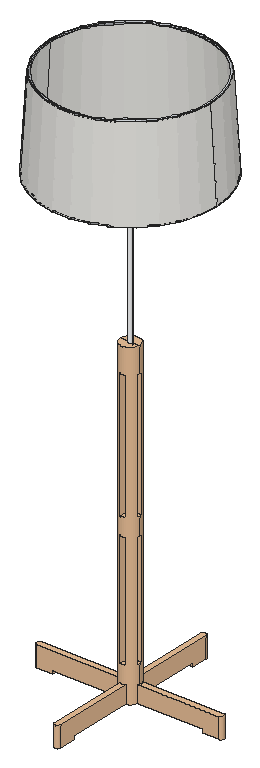
Revit family "Indoor_Floor Lamp_Santa&Cole_FAD-FAD Fija", category Luminarias, Revit 2018
Family settings
  Cota de conector redondo = Diámetro de uso
  Tipo de pieza = Normal
  Número OmniClass = 23.80.70.00
  Título OmniClass = Lighting
  Se basa en plano de trabajo = No
  Siempre vertical = Sí
  Corte con vacíos al cargar = No
  Origen de luz = Sí
  Compartido = No
  Punto de cálculo de habitación = No
Parameters (values of type "FAD")
  Visibility_FAD Fija = no
  Visibility_FAD = yes
  Wattage = 10.2395 W
  Technical Information = "https://www.santacole.com/recursos/productos/downloads/pdf_espec_tecnicas/SC_FAD_floor_data%20sheet.pdf"
  built-in parameter 1150110 = 1 (stored number, unit not read)
  URL = "https://www.santacole.com/en/catalogue/floor-lamps/fad"
  Manufacturer website = "http://www.santacole.com"
  Height FAD Lamp [instance] = 1500 mm
  Height [instance] = if(Height FAD Lamp < 1200 mm, 1200 mm, if(Height FAD Lamp > 1500 mm, 1500 mm, Height FAD Lamp))  # 1500 mm
  built-in parameter 1114217 = 1 (stored number, unit not read)
  built-in parameter 1150109 = 1 (stored number, unit not read)
  Energy Label = "https://www.santacole.com/recursos/productos/downloads/pdf_energy_label/Energy%20Label_FAD_without_bulb.pdf"
  Designed by = "Miguel Milá. 1974"
  Contact phone = "+34.938.619.100"
  Contact e-mail = "info@santacole.com"
  built-in parameter 1150134 = (empty or 0)
  built-in parameter 1150113 = 1 (stored number, unit not read)
  Modelo = "FAD"
  Fabricante = "Santa & Cole"
  Lumens = 1521 lm
  built-in parameter 1150115 = 1 (stored number, unit not read)
  built-in parameter 1150105 = 121.04 (stored number, unit not read)
  Load = 12 W
  Tamaño de símbolo de origen de luz = 50 mm
  built-in parameter 1150137 = (empty or 0)
  built-in parameter 1150139 = (empty or 0)
  built-in parameter 1150112 = 1 (stored number, unit not read)
  built-in parameter 1150114 = 1 (stored number, unit not read)
  Lamp = ""
  built-in parameter 1150132 = 2
  built-in parameter 1150102 = (empty or 0)
  built-in parameter 1150138 = (empty or 0)
  built-in parameter 1150107 = 2700 (stored number, unit not read)
  built-in parameter 1150106 = 1.2104 (stored number, unit not read)
  built-in parameter 1150104 = 13.8 (stored number, unit not read)
  Code = "FAD22+FADG8"
  Dimming Lamp Color Temperature Shift = (empty or 0)
  Color Filter = 16777215
  built-in parameter 1114218 = 1 (stored number, unit not read)
  Assembly instructions - UL = "https://www.santacole.com/recursos/productos/downloads/pdf_montaje/FAD_pie_im_UL.pdf"
  Assembly instructions - CE = "https://www.santacole.com/recursos/productos/downloads/pdf_montaje/FAD_pie_im_BOMBILLA.pdf"
  built-in parameter 1150133 = 10 (stored number, unit not read)
  Apparent Load = 12 VA
Types (2, lengths in mm): name | Visibility_FAD Fija | Visibility_FAD
  FAD | no | yes
  FAD Fija | yes | no
Reference planes
  plane 1 "Light Source Axis (F/B)": y = 0
  plane 2: z = 0
  plane 3 "Light Source Axis (L/R)": x = 0
  plane 4 "Light Source Elevation": z = 1353
Forms (mm)
  Extrusion 1, solid, material "Santa & Cole - Oak Wood"
    sketch origin (0, 0, 0) x (1, 0, 0) y (0, 1, 0)
      loop
        arc (-237, 8) -> (-245, 0) -> (-237, -8) r 8
        line (-237, -8) -> (237, -8)
        arc (237, -8) -> (245, 0) -> (237, 8) r 8
        line (237, 8) -> (-237, 8)
    from 0 to 53
  Extrusion 2, solid, material "Santa & Cole - Oak Wood"
    sketch origin (0, 0, 0) x (0, 1, 0) y (-1, 0, 0)
      loop
        arc (-237, 8) -> (-245, 0) -> (-237, -8) r 8
        line (-237, -8) -> (237, -8)
        arc (237, -8) -> (245, 0) -> (237, 8) r 8
        line (237, 8) -> (-237, 8)
    from 0 to 53
  Extrusion 3, void
    sketch origin (0, 0, 0) x (1, 0, 0) y (0, 0, 1)
      loop
        line (-195, 8) -> (-195, 0) -> (195, 0) -> (195, 8) -> (-195, 8)
    from -8 to 8
  Extrusion 4, void
    sketch origin (0, 0, 0) x (0, 1, 0) y (0, 0, 1)
      loop
        line (195, 8) -> (-195, 8) -> (-195, 0) -> (195, 0) -> (195, 8)
    from -8 to 8
  Revolve 5, solid, material "Santa & Cole - Oak Wood", visible <- "Visibility_FAD Fija"
    sketch origin (0, 0, 0) x (1, 0, 0) y (0, 0, 1)
      loop
        line (0, 1243) -> (-25, 1243) -> (-25, 8) -> (0, 8) -> (0, 1243)
      axis (0, 1243) -> (0, 8)
    angle from 0 to 360
  Extrusion 6, void
    sketch origin (0, 0, 0) x (1, 0, 0) y (0, 1, 0)
      loop
        line (-8, 23.685) -> (-8, 8) -> (-23.685, 8)
        arc (-23.685, 8) -> (-25, 0) -> (-23.685, -8) r 25
        line (-23.685, -8) -> (-8, -8) -> (-8, -23.685)
        arc (-8, -23.685) -> (0, -25) -> (8, -23.685) r 25
        line (8, -23.685) -> (8, -8) -> (23.685, -8)
        arc (23.685, -8) -> (25, 0) -> (23.685, 8) r 25
        line (23.685, 8) -> (8, 8) -> (8, 23.685)
        arc (8, 23.685) -> (0, 25) -> (-8, 23.685) r 25
    from 98 to 428
  Extrusion 7, void
    sketch origin (0, 0, 375) x (1, 0, 0) y (0, 1, 0)
      loop
        line (-8, 23.685) -> (-8, 8) -> (-23.685, 8)
        arc (-23.685, 8) -> (-25, 0) -> (-23.685, -8) r 25
        line (-23.685, -8) -> (-8, -8) -> (-8, -23.685)
        arc (-8, -23.685) -> (0, -25) -> (8, -23.685) r 25
        line (8, -23.685) -> (8, -8) -> (23.685, -8)
        arc (23.685, -8) -> (25, 0) -> (23.685, 8) r 25
        line (23.685, 8) -> (8, 8) -> (8, 23.685)
        arc (8, 23.685) -> (0, 25) -> (-8, 23.685) r 25
    from 98 to 428
  Extrusion 8, void
    sketch origin (0, 0, 750) x (1, 0, 0) y (0, 1, 0)
      loop
        line (-8, 23.685) -> (-8, 8) -> (-23.685, 8)
        arc (-23.685, 8) -> (-25, 0) -> (-23.685, -8) r 25
        line (-23.685, -8) -> (-8, -8) -> (-8, -23.685)
        arc (-8, -23.685) -> (0, -25) -> (8, -23.685) r 25
        line (8, -23.685) -> (8, -8) -> (23.685, -8)
        arc (23.685, -8) -> (25, 0) -> (23.685, 8) r 25
        line (23.685, 8) -> (8, 8) -> (8, 23.685)
        arc (8, 23.685) -> (0, 25) -> (-8, 23.685) r 25
    from 98 to 428
  Revolve 9, solid, visible <- "Visibility_FAD Fija"
    sketch origin (0, 0, 0) x (1, 0, 0) y (0, 0, 1)
      loop
        line (0, 1301) -> (-19, 1301) -> (-19, 1279.5) -> (-24.366, 1279.5) -> (-25.273, 1277.7) -> (-30, 1277.7) -> (-30, 1276.7) -> (-19, 1276.7) -> (-19, 1258.6) -> (-17.35, 1257.5)
        arc (-17.35, 1257.5) -> (-15.553, 1249.428) -> (-10.35, 1243) r 18.079
        line (-10.35, 1243) -> (0, 1243) -> (0, 1301)
      axis (0, 1243) -> (0, 1301)
    angle from 0 to 360
  Sweep 10, solid, visible <- "Visibility_FAD Fija"
    path origin (0, 0, 0) x (1, 0, 0) y (0, 0, 1)
      loop
        line (220.989, 1214.16) -> (39.83, 1277.7) -> (26, 1277.7)
    profile origin (32.915, 0, 1277.7) x (0, 0, -1) y (0, -1, 0)
      loop
        circle (-1, 0) r 1
  Sweep 11, solid, visible <- "Visibility_FAD Fija"
    path origin (0, 0, 0) x (-1, 0, 0) y (0, 0, 1)
      loop
        line (220.989, 1214.16) -> (39.83, 1277.7) -> (26, 1277.7)
    profile origin (-32.915, 0, 1277.7) x (0, 0, 1) y (0, -1, 0)
      loop
        circle (1, 0) r 1
  Sweep 12, solid, visible <- "Visibility_FAD Fija"
    path origin (0, 0, 0) x (0, 1, 0) y (0, 0, 1)
      loop
        line (220.989, 1214.16) -> (39.83, 1277.7) -> (26, 1277.7)
    profile origin (0, 32.915, 1277.7) x (0, 0, -1) y (1, 0, 0)
      loop
        circle (-1, 0) r 1
  Sweep 13, solid, visible <- "Visibility_FAD Fija"
    path origin (0, 0, 0) x (0, -1, 0) y (0, 0, -1)
      loop
        line (220.989, -1214.16) -> (39.83, -1277.7) -> (26, -1277.7)
    profile origin (0, -32.915, 1277.7) x (0, 0, 1) y (1, 0, 0)
      loop
        circle (1, 0) r 1
  Revolve 14, solid, visible <- "Visibility_FAD Fija"
    sketch origin (0, 0, 0) x (1, 0, 0) y (0, 0, 1)
      loop
        circle (222.5, 1214.69) r 2
      loop
        circle (207.9, 1427.522) r 2
      axis (0, 1214.69) -> (0, 1427.522)
    angle from 0 to 360
  Revolve 15, solid, material "Santa & Cole - White Linen", visible <- "Visibility_FAD Fija"
    sketch origin (0, 0, 0) x (1, 0, 0) y (0, 0, 1)
      loop
        line (209.777, 1429.51) -> (224.624, 1212.69) -> (225.424, 1212.69) -> (210.577, 1429.51) -> (209.777, 1429.51)
      axis (0, 1212.69) -> (0, 1429.51)
    angle from 0 to 360
  Revolve 16, solid, material "Santa & Cole - Oak Wood", visible <- "Visibility_FAD"
    sketch origin (0, 0, 0) x (1, 0, 0) y (0, 0, 1)
      loop
        line (-25, 8) -> (0, 8) -> (0, 843) -> (-25, 843) -> (-25, 8)
      axis (0, 843) -> (0, 8)
    angle from 0 to 360
  Extrusion 17, void
    sketch origin (0, 0, 0) x (1, 0, 0) y (0, 1, 0)
      loop
        line (-8, 23.685) -> (-8, 8) -> (-23.685, 8)
        arc (-23.685, 8) -> (-25, 0) -> (-23.685, -8) r 25
        line (-23.685, -8) -> (-8, -8) -> (-8, -23.685)
        arc (-8, -23.685) -> (0, -25) -> (8, -23.685) r 25
        line (8, -23.685) -> (8, -8) -> (23.685, -8)
        arc (23.685, -8) -> (25, 0) -> (23.685, 8) r 25
        line (23.685, 8) -> (8, 8) -> (8, 23.685)
        arc (8, 23.685) -> (0, 25) -> (-8, 23.685) r 25
    from 98 to 398
  Extrusion 18, void
    sketch origin (0, 0, 345) x (1, 0, 0) y (0, 1, 0)
      loop
        line (-8, 23.685) -> (-8, 8) -> (-23.685, 8)
        arc (-23.685, 8) -> (-25, 0) -> (-23.685, -8) r 25
        line (-23.685, -8) -> (-8, -8) -> (-8, -23.685)
        arc (-8, -23.685) -> (0, -25) -> (8, -23.685) r 25
        line (8, -23.685) -> (8, -8) -> (23.685, -8)
        arc (23.685, -8) -> (25, 0) -> (23.685, 8) r 25
        line (23.685, 8) -> (8, 8) -> (8, 23.685)
        arc (8, 23.685) -> (0, 25) -> (-8, 23.685) r 25
    from 98 to 433
Cuts and joins
  Extrusion 6, Extrusion 7, Extrusion 8, Extrusion 17, Extrusion 18 cuts Revolve 5
  Extrusion 3, Extrusion 4, Extrusion 6, Extrusion 17 cuts Extrusion 2
  Extrusion 3, Extrusion 4, Extrusion 6, Extrusion 17 cuts Extrusion 1
  Extrusion 17, Extrusion 18 cuts Revolve 16
Lines and regions (mm)
  model lines, style "Predeterminado", not visible
    curve 1: line (0, -3.75, 375) -> (0, 3.75, 375)
    curve 2: line (0, 3.75, 375) -> (0, -3.75, 375)
    curve 3: line (0, 15, 86.75) -> (0, -15, 86.75)
    curve 4: line (0, -10, 65) -> (0, -15, 82.176)
    curve 5: line (0, -10, 25) -> (0, -10, 65)
    curve 6: line (0, 6.344, 17.27) -> (0, 10, 25)
    curve 7: line (0, -1.951, 15.192) -> (0, 6.344, 17.27)
    curve 8: line (0, -10, 25) -> (0, -1.951, 15.192)
    curve 9: line (0, 10, 25) -> (0, 10, 65)
    curve 10: line (0, 15, 82.176) -> (0, 10, 65)
    curve 11: line (0, 15, 86.75) -> (0, -15, 86.75)
Dimensions and locks
  aligned and locked: plane 3 "Light Source Axis (L/R)" to imposter light
  aligned and locked: plane 1 "Light Source Axis (F/B)" to imposter light
  aligned and locked: plane 4 "Light Source Elevation" to imposter light
  aligned and locked: level to plane 2
  aligned and locked: plane 3 "Light Source Axis (L/R)" to nested 1
  aligned and locked: plane 1 "Light Source Axis (F/B)" to nested 1
Nested families
  nested 1: "FAD Lamp" at (0, 0, -23.168), visible <- "Visibility_FAD", Height <- "Height", type "FAD Lamp"
    with Height 1500 mm
Definition of nested family "FAD Lamp"
  Parameters (values of type "FAD Lamp")
    Height [instance] = 1523.168 mm
  Reference planes
    plane 1 "Centro (Frontal/Posterior)": y = 0
    plane 2: z = 0
    plane 3 "Centro (Izquierda/Derecha)": x = 0
    plane 4: z = 1523.168
  Forms (mm)
    Revolve 1, solid
      sketch origin (0, 0, 0) x (1, 0, 0) y (0, 0, 1)
        loop
          line (0, 1315.29) -> (-6, 1315.29) -> (-6, 768.5) -> (0, 768.5) -> (0, 1315.29)
        axis (0, 1315.29) -> (0, 768.5)
      angle from 0 to 360
    Revolve 2, solid
      sketch origin (0, 0, 0) x (1, 0, 0) y (0, 0, 1)
        loop
          line (-19, 1373.29) -> (-19, 1349.99) -> (-24.366, 1349.99) -> (-25.273, 1348.19) -> (-30, 1348.19) -> (-30, 1347.19) -> (-19, 1347.19) -> (-19, 1330.89) -> (-17.35, 1329.79)
          arc (-17.35, 1329.79) -> (-15.572, 1321.709) -> (-10.35, 1315.29) r 17.899
          line (-10.35, 1315.29) -> (0, 1315.29) -> (0, 1373.29) -> (-19, 1373.29)
        axis (0, 1373.29) -> (0, 1315.29)
      angle from 0 to 360
    Sweep 3, solid
      path origin (0, 0, 0) x (1, 0, 0) y (0, 0, 1)
        loop
          line (26.002, 1348.19) -> (40.259, 1348.19) -> (222.174, 1284.036)
      profile origin (33.13, 0, 1348.19) x (0, 0, 1) y (0, -1, 0)
        loop
          circle (1, 0) r 1
    Sweep 4, solid
      path origin (0, 0, 0) x (-1, 0, 0) y (0, 0, 1)
        loop
          line (26.002, 1348.19) -> (40.259, 1348.19) -> (222.174, 1284.036)
      profile origin (-33.13, 0, 1348.19) x (0, 0, -1) y (0, -1, 0)
        loop
          circle (-1, 0) r 1
    Sweep 5, solid
      path origin (0, 0, 0) x (0, 1, 0) y (0, 0, 1)
        loop
          line (26.002, 1348.19) -> (40.259, 1348.19) -> (222.174, 1284.036)
      profile origin (0, 33.13, 1348.19) x (0, 0, 1) y (1, 0, 0)
        loop
          circle (1, 0) r 1
    Sweep 6, solid
      path origin (0, 0, 0) x (0, -1, 0) y (0, 0, -1)
        loop
          line (26.002, -1348.19) -> (40.259, -1348.19) -> (222.174, -1284.036)
      profile origin (0, -33.13, 1348.19) x (0, 0, -1) y (1, 0, 0)
        loop
          circle (-1, 0) r 1
    Revolve 7, solid
      sketch origin (0, 0, 0) x (1, 0, 0) y (0, 0, 1)
        loop
          circle (222.5, 1285.18) r 2
        loop
          circle (207.9, 1521.18) r 2
        axis (0, 1521.18) -> (0, 1285.18)
      angle from 0 to 360
    Revolve 8, solid
      sketch origin (0, 0, 0) x (1, 0, 0) y (0, 0, 1)
        loop
          line (209.777, 1523.168) -> (224.624, 1283.18) -> (225.424, 1283.18) -> (210.577, 1523.168) -> (209.777, 1523.168)
        axis (0, 1523.168) -> (0, 1283.18)
      angle from 0 to 360
  Dimensions and locks
    "Height": plane 4 to plane 2
    aligned and locked: level to plane 2
    aligned and locked: plane 4 to Revolve 8
  Automatic sketch dimensions
    Revolve 1 sketch curve to plane 3 "Centro (Izquierda/Derecha)" = 0 mm  (x2)
    Revolve 1 sketch curve to plane 3 "Centro (Izquierda/Derecha)" = 6 mm
    Revolve 1 sketch curve to plane 4 = 754.668 mm
    Revolve 1 sketch curve to plane 4 = 207.878 mm
    Revolve 1 sketch curve to level = 366.045 mm
    plane 4 to Revolve 1 sketch curve = 691.147 mm
    Revolve 2 sketch curve to plane 3 "Centro (Izquierda/Derecha)" = 0 mm  (x2)
    Revolve 2 sketch curve to Revolve 2 sketch curve = 10.35 mm
    Revolve 2 sketch curve to Revolve 2 sketch curve = 7 mm
    Revolve 2 sketch curve to Revolve 2 sketch curve = 1.65 mm
    Revolve 2 sketch curve to Revolve 2 sketch curve = 19 mm
    Revolve 2 sketch curve to Revolve 2 sketch curve = 5.366 mm
    Revolve 2 sketch curve to Revolve 2 sketch curve = 0.907 mm
    Revolve 2 sketch curve to Revolve 2 sketch curve = 4.727 mm
    plane 3 "Centro (Izquierda/Derecha)" to Revolve 2 sketch curve = 0.547 mm
    Revolve 2 sketch curve to plane 4 = 207.878 mm
    Revolve 2 sketch curve to Revolve 2 sketch curve = 14.2 mm
    Revolve 2 sketch curve to Revolve 2 sketch curve = 1.1 mm
    Revolve 2 sketch curve to Revolve 2 sketch curve = 16.3 mm
    Revolve 2 sketch curve to Revolve 2 sketch curve = 1 mm
    Revolve 2 sketch curve to Revolve 2 sketch curve = 1.8 mm
    Revolve 2 sketch curve to Revolve 2 sketch curve = 23.3 mm
    Revolve 2 sketch curve to level = 366.045 mm
    plane 4 to Revolve 2 sketch curve = 691.147 mm
    plane 3 "Centro (Izquierda/Derecha)" to Sweep 3 sketch curve = 40.259 mm
    Sweep 3 sketch curve to plane 4 = 174.978 mm
    Sweep 3 sketch curve to Sweep 3 sketch curve = 14.256 mm
    Sweep 3 sketch curve to Sweep 3 sketch curve = 181.916 mm
    Sweep 3 sketch curve to Sweep 3 sketch curve = 64.154 mm
    Sweep 3 sketch curve to plane 1 "Centro (Frontal/Posterior)" = 0 mm
    Sweep 3 sketch curve to profile plane = 1 mm
    plane 3 "Centro (Izquierda/Derecha)" to Sweep 4 sketch curve = 40.259 mm
    plane 4 to Sweep 4 sketch curve = 174.978 mm
    Sweep 4 sketch curve to Sweep 4 sketch curve = 14.256 mm
    Sweep 4 sketch curve to Sweep 4 sketch curve = 181.916 mm
    Sweep 4 sketch curve to Sweep 4 sketch curve = 64.154 mm
    Sweep 4 sketch curve to plane 1 "Centro (Frontal/Posterior)" = 0 mm
    profile plane to Sweep 4 sketch curve = 1 mm
    Sweep 5 sketch curve to plane 1 "Centro (Frontal/Posterior)" = 40.259 mm
    Sweep 5 sketch curve to plane 4 = 174.978 mm
    Sweep 5 sketch curve to Sweep 5 sketch curve = 14.256 mm
    Sweep 5 sketch curve to Sweep 5 sketch curve = 181.916 mm
    Sweep 5 sketch curve to Sweep 5 sketch curve = 64.154 mm
    Sweep 5 sketch curve to profile plane = 0 mm
    Sweep 5 sketch curve to profile plane = 1 mm
    plane 1 "Centro (Frontal/Posterior)" to Sweep 6 sketch curve = 40.259 mm
    Sweep 6 sketch curve to plane 4 = 174.978 mm
    Sweep 6 sketch curve to Sweep 6 sketch curve = 14.256 mm
    Sweep 6 sketch curve to Sweep 6 sketch curve = 181.916 mm
    Sweep 6 sketch curve to Sweep 6 sketch curve = 64.154 mm
    Sweep 6 sketch curve to profile plane = 0 mm
    profile plane to Sweep 6 sketch curve = 1 mm
    Revolve 7 sketch curve to plane 3 "Centro (Izquierda/Derecha)" = 0 mm
    Revolve 7 sketch curve to plane 4 = 1.988 mm
    plane 3 "Centro (Izquierda/Derecha)" to Revolve 7 sketch curve = 207.9 mm
    plane 3 "Centro (Izquierda/Derecha)" to Revolve 7 sketch curve = 222.5 mm
    Revolve 7 sketch curve to Revolve 7 sketch curve = 236 mm
    Revolve 7 sketch curve to level = 366.045 mm
    plane 4 to Revolve 7 sketch curve = 691.147 mm
    Revolve 8 sketch curve to plane 3 "Centro (Izquierda/Derecha)" = 0 mm
    Revolve 8 sketch curve to plane 4 = 0 mm
    plane 3 "Centro (Izquierda/Derecha)" to Revolve 8 sketch curve = 209.777 mm
    Revolve 8 sketch curve to Revolve 8 sketch curve = 0.8 mm  (x2)
    plane 3 "Centro (Izquierda/Derecha)" to Revolve 8 sketch curve = 224.624 mm
    Revolve 8 sketch curve to plane 4 = 239.988 mm
    Revolve 8 sketch curve to level = 366.045 mm
    plane 4 to Revolve 8 sketch curve = 691.147 mm
    radius of Sweep 3 sketch curve = 1 mm
    radius of Sweep 4 sketch curve = 1 mm
    radius of Sweep 5 sketch curve = 1 mm
    radius of Sweep 6 sketch curve = 1 mm
    radius of Revolve 7 sketch curve = 2 mm  (x2)
